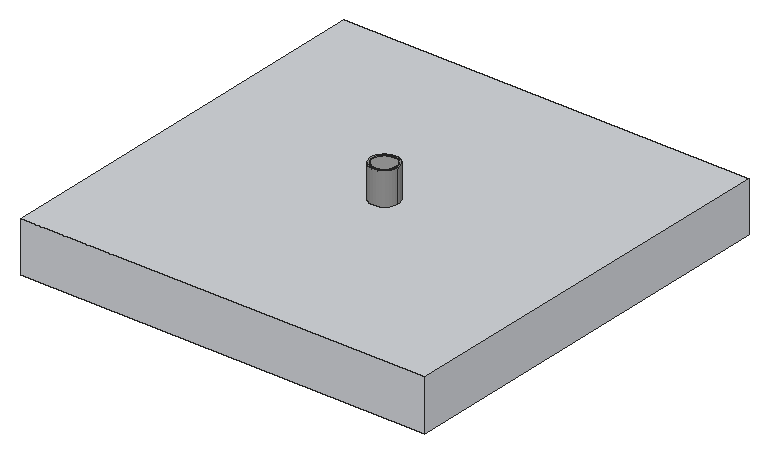
Revit family "LAMP_LUP DOWNLIGHT 162", category Luminarias, Revit 2018
Family settings
  Anfitrión = Cara
  Cota de conector redondo = Diámetro de uso
  Tipo de pieza = Normal
  Corte con vacíos al cargar = No
  Origen de luz = Sí
  Compartido = No
  Punto de cálculo de habitación = No
Parameters (values of type "2162LM 4000 FLOOD BLACK")
  Ángulo de inclinación = -90.00°
  Weight = 2.53 kg
  Wattage = 25.9 W
  Type = "COB PHILIPS"
  built-in parameter 1150107 = 4000 (stored number, unit not read)
  built-in parameter 1150110 = 1 (stored number, unit not read)
  built-in parameter 1150109 = 1 (stored number, unit not read)
  built-in parameter 1150112 = 1 (stored number, unit not read)
  built-in parameter 1150113 = 1 (stored number, unit not read)
  built-in parameter 1114218 = 1 (stored number, unit not read)
  Protection rating = "IP65 / IK06"
  Product datasheet = "http://www.lamp.es/product-files/TECH/LS116230FL40NB-EN.pdf"
  Product code = "LS116230FL40NB"
  Product URL = "https://www.lamp.es/en/family/lup-wall-mounted_67131"
  Power Supply = "220-240V 50/60Hz"
  Power = 23 W
  Plum = 25.9 W
  built-in parameter 1150142 = "IESNA:LM-63-2002\r\n[TEST] LS116230FL40NB\r\n[TESTLAB] LAMP S.A.U.\r\n[TESTDATE] 28 Aug 2018\r\n[ISSUEDATE] 28 Aug 2018\r\n[MANUFAC] LAMP S.A.U.\r\n[LUMCAT] LS116230FL40NB\r\n[LUMINAIRE] LUP SUR??162 3000 NW FL BK.\r\n[FLASHAREA] 0.002853\r\n[LAMPCAT] PHILIPS SLM 1205 G6\r\n[LAMP] SLM 1205 G6 NW a 0.65A\r\nTILT=NONE\r\n1 2161.63 1.0 91 1 1 2 -0.120 -0.120 0.001\r\n1.00 1.00 26.30\r\n0.00 2.00 4.00 6.00 8.00 10.00 12.00 14.00 16.00 18.00 \r\n20.00 22.00 24.00 26.00 28.00 30.00 32.00 34.00 36.00 \r\n38.00 40.00 42.00 44.00 46.00 48.00 50.00 52.00 54.00 \r\n56.00 58.00 60.00 62.00 64.00 66.00 68.00 70.00 72.00 \r\n74.00 76.00 78.00 80.00 82.00 84.00 86.00 88.00 90.00 \r\n92.00 94.00 96.00 98.00 100.00 102.00 104.00 106.00 \r\n108.00 110.00 112.00 114.00 116.00 118.00 120.00 122.00 \r\n124.00 126.00 128.00 130.00 132.00 134.00 136.00 138.00 \r\n140.00 142.00 144.00 146.00 148.00 150.00 152.00 154.00 \r\n156.00 158.00 160.00 162.00 164.00 166.00 168.00 170.00 \r\n172.00 174.00 176.00 178.00 180.00 \r\n0.00 \r\n5056.74 4988.02 4739.55 4401.48 3942.72 3557.45 3078.97 \r\n2658.36 2323.38 2046.63 1754.11 1528.75 1342.30 1199.81 \r\n1104.50 1004.66 855.83 702.82 525.17 322.65 130.97 100.88 \r\n81.99 67.15 56.43 45.93 39.44 33.18 26.92 20.66 14.74 \r\n12.73 11.06 9.38 7.70 6.08 5.15 4.28 3.41 2.54 1.72 1.34 \r\n1.01 0.69 0.36 0.00 0.00 0.00 0.00 0.00 0.00 0.00 0.00 \r\n0.00 0.00 0.00 0.00 0.00 0.00 0.00 0.00 0.00 0.00 0.00 \r\n0.00 0.00 0.00 0.00 0.00 0.00 0.00 0.00 0.00 0.00 0.00 \r\n0.00 0.00 0.00 0.00 0.00 0.00 0.00 0.00 0.00 0.00 0.00 \r\n0.00 0.00 0.00 0.00 0.00 \r\n"
  built-in parameter 1150137 = (empty or 0)
  built-in parameter 1150132 = 2
  Material reflector = LAMP_Aluminio Reflector Imag
  Material cuerpo = LAMP_Aluminio Ocult Pendular NG
  Material cristal = LAMP_Cristal Bazz Transparente
  Material COB = LAMP_COB
  Manufacturer name = "LAMP"
  Manufacturer country = "Spain"
  Manufacturer URL = "http://www.lamp.es/en"
  MacAdam = "3"
  Last update = "15/02/2022"
  Lamp = "COB LED"
  LED Lifetime = "50.000 L80 B10"
  built-in parameter 1150105 = 5117.7 (stored number, unit not read)
  built-in parameter 1150102 = (empty or 0)
  Insulation class = "I"
  Installation instructions = "https://www.lamp.es/product-files/packed/by-family/67131_INS_all.zip"
  built-in parameter 1150106 = 51.177 (stored number, unit not read)
  Height = 195 mm
  Gear = "Electronic"
  Lumens = 2128.72 lm
  Finish = "Texturised black RAL 9011"
  Color Filter = 16777215
  built-in parameter 1114217 = 1 (stored number, unit not read)
  built-in parameter 1150139 = (empty or 0)
  Default Elevation = 1219.2 mm
  built-in parameter 1150104 = 7.6357 (stored number, unit not read)
  Efficacy = 82.19 lm/W
  Diameter = 162 mm
  built-in parameter 1150115 = 1 (stored number, unit not read)
  built-in parameter 1150114 = 1 (stored number, unit not read)
  built-in parameter 1150138 = (empty or 0)
  built-in parameter 1150134 = 3
  Dimming Lamp Color Temperature Shift = (empty or 0)
  CRI = "80"
  Archivo de red fotométrica = "LS116230FL40NB.IES"
  built-in parameter 1150133 = 10 (stored number, unit not read)
Types (4, lengths in mm): name | Wattage | Product datasheet | Product code | Power | Plum | built-in parameter 1150142 | built-in parameter 1150105 | built-in parameter 1150106 | Lumens | built-in parameter 1150104 | Efficacy | Archivo de red fotométrica
  2162LM 4000 FLOOD BLACK | 25.9 W | "http://www.lamp.es/product-files/TECH/LS116230FL40NB-EN.pdf" | "LS116230FL40NB" | 23 W | 25.9 W | "IESNA:LM-63-2002\r\n[TEST] LS116230FL40NB\r\n[TESTLAB] LAMP S.A.U.\r\n[TESTDATE] 28 Aug 2018\r\n[ISSUEDATE] 28 Aug 2018\r\n[MANUFAC] LAMP S.A.U.\r\n[LUMCAT] LS116230FL40NB\r\n[LUMINAIRE] LUP SUR??162 3000 NW FL BK.\r\n[FLASHAREA] 0.002853\r\n[LAMPCAT] PHILIPS SLM 1205 G6\r\n[LAMP] SLM 1205 G6 NW a 0.65A\r\nTILT=NONE\r\n1 2161.63 1.0 91 1 1 2 -0.120 -0.120 0.001\r\n1.00 1.00 26.30\r\n0.00 2.00 4.00 6.00 8.00 10.00 12.00 14.00 16.00 18.00 \r\n20.00 22.00 24.00 26.00 28.00 30.00 32.00 34.00 36.00 \r\n38.00 40.00 42.00 44.00 46.00 48.00 50.00 52.00 54.00 \r\n56.00 58.00 60.00 62.00 64.00 66.00 68.00 70.00 72.00 \r\n74.00 76.00 78.00 80.00 82.00 84.00 86.00 88.00 90.00 \r\n92.00 94.00 96.00 98.00 100.00 102.00 104.00 106.00 \r\n108.00 110.00 112.00 114.00 116.00 118.00 120.00 122.00 \r\n124.00 126.00 128.00 130.00 132.00 134.00 136.00 138.00 \r\n140.00 142.00 144.00 146.00 148.00 150.00 152.00 154.00 \r\n156.00 158.00 160.00 162.00 164.00 166.00 168.00 170.00 \r\n172.00 174.00 176.00 178.00 180.00 \r\n0.00 \r\n5056.74 4988.02 4739.55 4401.48 3942.72 3557.45 3078.97 \r\n2658.36 2323.38 2046.63 1754.11 1528.75 1342.30 1199.81 \r\n1104.50 1004.66 855.83 702.82 525.17 322.65 130.97 100.88 \r\n81.99 67.15 56.43 45.93 39.44 33.18 26.92 20.66 14.74 \r\n12.73 11.06 9.38 7.70 6.08 5.15 4.28 3.41 2.54 1.72 1.34 \r\n1.01 0.69 0.36 0.00 0.00 0.00 0.00 0.00 0.00 0.00 0.00 \r\n0.00 0.00 0.00 0.00 0.00 0.00 0.00 0.00 0.00 0.00 0.00 \r\n0.00 0.00 0.00 0.00 0.00 0.00 0.00 0.00 0.00 0.00 0.00 \r\n0.00 0.00 0.00 0.00 0.00 0.00 0.00 0.00 0.00 0.00 0.00 \r\n0.00 0.00 0.00 0.00 0.00 \r\n" | 5117.7 (stored number, unit not read) | 51.177 (stored number, unit not read) | 2128.72 lm | 7.6357 (stored number, unit not read) | 82.19 lm/W | "LS116230FL40NB.IES"
  2392LM 4000 WIDE FLOOD BLACK | 26.3 W | "http://www.lamp.es/product-files/TECH/LS116230WF40NB-EN.pdf" | "LS116230WF40NB" | 23 W | 26.3 W | "IESNA:LM-63-2002\r\n[TEST] LS116230WF40NB\r\n[TESTLAB] LAMP S.A.U.\r\n[TESTDATE] 9 Nov 2018\r\n[ISSUEDATE] 9 Nov 2018\r\n[MANUFAC] LAMP S.A.U.\r\n[LUMCAT] LS116230WF40NB\r\n[LUMINAIRE] LUP SUR??162 3000 NW WFL BK.\r\n[FLASHAREA] 0.002853\r\n[LAMPCAT] PHILIPS SLM 1205 G6\r\n[LAMP] SLM 1205 G6 NW a 0.65A\r\nTILT=NONE\r\n1 2392.33 1.0 91 1 1 2 -0.120 -0.120 0.001\r\n1.00 1.00 26.30\r\n0.00 2.00 4.00 6.00 8.00 10.00 12.00 14.00 16.00 18.00 \r\n20.00 22.00 24.00 26.00 28.00 30.00 32.00 34.00 36.00 \r\n38.00 40.00 42.00 44.00 46.00 48.00 50.00 52.00 54.00 \r\n56.00 58.00 60.00 62.00 64.00 66.00 68.00 70.00 72.00 \r\n74.00 76.00 78.00 80.00 82.00 84.00 86.00 88.00 90.00 \r\n92.00 94.00 96.00 98.00 100.00 102.00 104.00 106.00 \r\n108.00 110.00 112.00 114.00 116.00 118.00 120.00 122.00 \r\n124.00 126.00 128.00 130.00 132.00 134.00 136.00 138.00 \r\n140.00 142.00 144.00 146.00 148.00 150.00 152.00 154.00 \r\n156.00 158.00 160.00 162.00 164.00 166.00 168.00 170.00 \r\n172.00 174.00 176.00 178.00 180.00 \r\n0.00 \r\n1661.77 1655.44 1632.87 1602.10 1570.20 1533.49 1500.24 \r\n1464.74 1435.94 1407.13 1378.50 1345.24 1310.24 1281.94 \r\n1250.74 1222.05 1186.70 1040.52 749.91 489.67 410.57 \r\n389.22 370.98 350.29 327.20 304.10 280.73 257.36 233.99 \r\n210.62 187.56 168.10 148.94 129.78 110.62 91.86 77.73 \r\n63.99 50.25 36.50 23.64 18.25 13.73 9.20 4.68 0.00 0.00 \r\n0.00 0.00 0.00 0.00 0.00 0.00 0.00 0.00 0.00 0.00 0.00 \r\n0.00 0.00 0.00 0.00 0.00 0.00 0.00 0.00 0.00 0.00 0.00 \r\n0.00 0.00 0.00 0.00 0.00 0.00 0.00 0.00 0.00 0.00 0.00 \r\n0.00 0.00 0.00 0.00 0.00 0.00 0.00 0.00 0.00 0.00 0.00 \r\n" | 5751.3 (stored number, unit not read) | 57.513 (stored number, unit not read) | 2392.25 lm | 8.4505 (stored number, unit not read) | 90.96 lm/W | "LS116230WF40NB.IES"
  2850LM 4000 FLOOD BLACK | 33.9 W | "http://www.lamp.es/product-files/TECH/LS116240FL40NB-EN.pdf" | "LS116240FL40NB" | 30 W | 33.9 W | "IESNA:LM-63-2002\r\n[TEST] LS116240FL40NB\r\n[TESTLAB] LAMP S.A.U.\r\n[TESTDATE] 31 Oct 2018\r\n[ISSUEDATE] 31 Oct 2018\r\n[MANUFAC] LAMP S.A.U.\r\n[LUMCAT] LS116240FL40NB\r\n[LUMINAIRE] LUP SUR??162 4000 NW FL BK.\r\n[FLASHAREA] 0.002853\r\n[LAMPCAT] PHILIPS SLM 1208 G6\r\n[LAMP] SLM 1208 G6 NW a 0.85A\r\nTILT=NONE\r\n1 2849.97 1.0 91 1 1 2 -0.120 -0.120 0.001\r\n1.00 1.00 33.90\r\n0.00 2.00 4.00 6.00 8.00 10.00 12.00 14.00 16.00 18.00 \r\n20.00 22.00 24.00 26.00 28.00 30.00 32.00 34.00 36.00 \r\n38.00 40.00 42.00 44.00 46.00 48.00 50.00 52.00 54.00 \r\n56.00 58.00 60.00 62.00 64.00 66.00 68.00 70.00 72.00 \r\n74.00 76.00 78.00 80.00 82.00 84.00 86.00 88.00 90.00 \r\n92.00 94.00 96.00 98.00 100.00 102.00 104.00 106.00 \r\n108.00 110.00 112.00 114.00 116.00 118.00 120.00 122.00 \r\n124.00 126.00 128.00 130.00 132.00 134.00 136.00 138.00 \r\n140.00 142.00 144.00 146.00 148.00 150.00 152.00 154.00 \r\n156.00 158.00 160.00 162.00 164.00 166.00 168.00 170.00 \r\n172.00 174.00 176.00 178.00 180.00 \r\n0.00 \r\n6416.12 6334.84 6029.25 5575.11 5089.01 4507.78 3978.28 \r\n3437.58 3008.46 2632.38 2308.80 2007.33 1756.50 1601.44 \r\n1466.73 1351.05 1155.86 953.71 717.17 445.94 189.22 \r\n148.64 123.05 101.78 84.90 68.43 59.19 50.37 41.54 32.71 \r\n24.32 20.97 18.04 15.11 12.18 9.36 7.71 6.16 4.61 3.06 \r\n1.63 1.22 0.93 0.64 0.34 0.00 0.00 0.00 0.00 0.00 0.00 \r\n0.00 0.00 0.00 0.00 0.00 0.00 0.00 0.00 0.00 0.00 0.00 \r\n0.00 0.00 0.00 0.00 0.00 0.00 0.00 0.00 0.00 0.00 0.00 \r\n0.00 0.00 0.00 0.00 0.00 0.00 0.00 0.00 0.00 0.00 0.00 \r\n0.00 0.00 0.00 0.00 0.00 0.00 0.00 \r\n" | 6851.7 (stored number, unit not read) | 68.517 (stored number, unit not read) | 2849.97 lm | 7.8104 (stored number, unit not read) | 84.07 lm/W | "LS116240FL40NB.IES"
  3114LM 4000 WIDE FLOOD BLACK | 33.9 W | "http://www.lamp.es/product-files/TECH/LS116240WF40NB-EN.pdf" | "LS116240WF40NB" | 30 W | 33.9 W | "IESNA:LM-63-2002\r\n[TEST] LS116240WF40NB\r\n[TESTLAB] LAMP S.A.U.\r\n[TESTDATE] 27 Jan 2000\r\n[ISSUEDATE] 27 Jan 2000\r\n[MANUFAC] LAMP S.A.U.\r\n[LUMCAT] LS116240WF40NB\r\n[LUMINAIRE] LUP SUR??162 4000 NW WFL BK.\r\n[FLASHAREA] 0.002853\r\n[LAMPCAT] PHILIPS SLM 1208 G6\r\n[LAMP] SLM 1208 G6 NW a 0.85A\r\nTILT=NONE\r\n1 3114.43 1.0 19 1 1 2 -0.120 -0.120 0.001\r\n1.00 1.00 33.90\r\n0.00 5.00 10.00 15.00 20.00 25.00 30.00 35.00 40.00 45.00 \r\n50.00 55.00 60.00 65.00 70.00 75.00 80.00 85.00 90.00 \r\n0.00 \r\n2154.06 2104.34 2003.19 1895.86 1800.41 1692.02 1593.23 \r\n1148.23 538.22 468.29 393.58 317.95 242.73 179.02 116.31 \r\n71.58 28.66 13.75 0.73 \r\n" | 7487.4 (stored number, unit not read) | 74.874 (stored number, unit not read) | 3114.39 lm | 8.535 (stored number, unit not read) | 91.87 lm/W | "LS116240WF40NB.IES"
Reference planes
  plane 1 "Centro (Frontal/Posterior)": y = 0
  plane 2: z = 0
  plane 3 "Centro (Izquierda/Derecha)": x = 0
Forms (mm)
  Extrusion 1, solid
    sketch origin (0, 0, 0) x (1, 0, 0) y (0, 1, 0)
      loop
        line (-1219.2, 1219.2) -> (-1219.2, -1219.2) -> (1219.2, -1219.2) -> (1219.2, 1219.2) -> (-1219.2, 1219.2)
    from 0 to -304.8
  Extrusion 2, solid, material "LAMP_Aluminio Ocult Pendular NG" <- "Material cuerpo"
    sketch origin (0, 0, 0) x (1, 0, 0) y (0, 1, 0)
      loop
        circle (0, 0) r 81
    from 0 to 195
  Extrusion 3, void
    sketch origin (0, 0, 0) x (1, 0, 0) y (0, 1, 0)
      loop
        circle (0, 0) r 70
    from 8.075 to 195
  Extrusion 4, solid, material "LAMP_Cristal Bazz Transparente" <- "Material cristal"
    sketch origin (0, 0, 0) x (1, 0, 0) y (0, 1, 0)
      loop
        circle (0, 0) r 70
    from 194 to 195
  Revolve 5, solid, material "LAMP_Aluminio Reflector Imag" <- "Material reflector"
    sketch origin (0, 0, 40) x (1, 0, 0) y (0, 0, 1)
      loop
        line (0, 154) -> (0, 105) -> (0, 79.3) -> (11.4, 79.3) -> (11.4, 80.3) -> (70, 154) -> (44.3, 154) -> (0, 154)
      axis (0, 79.3) -> (0, 154)
    angle from 0 to 360
  Revolve 6, void
    sketch origin (0, 0, 40) x (1, 0, 0) y (0, 0, 1)
      loop
        line (0, 154) -> (0, 105) -> (0, 79.3) -> (11.4, 79.3) -> (11.4, 80.3) -> (11.4, 81.3) -> (69, 154) -> (43.3, 154) -> (0, 154)
      axis (0, 79.3) -> (0, 154)
    angle from 0 to 360
  Extrusion 7, solid, material "LAMP_COB" <- "Material COB"
    sketch origin (0, 0, 0) x (1, 0, 0) y (0, 1, 0)
      loop
        circle (0, 0) r 11.4
    from 120.3 to 121.3
Cuts and joins
  Extrusion 3 cuts Extrusion 2
  Revolve 6 cuts Extrusion 4
  Revolve 6 cuts Revolve 5
Text (mm)
  text "Any modification of the parameters and properties of the LAMP BIM models must be executed and validated by the LAMP technical department.\nPhone: +34 93 736 68 00\nE-mail: lamp@lamp.es\n\nLAMP reserves the right to modify the technical specifications of its products." at (-16387.392, -7639.746, -15376.034), in view "Preview"
Dimensions and locks
  aligned and locked: plane 2 to Extrusion 1
  aligned and locked: level to Extrusion 1
Connectors
  electrical at (0, 0, 0)
    settings: on cut or joined group of Extrusion 2, Extrusion 3, index 1, voltage 230 V, apparent load 0 VA, apparent load phase1 0 VA, apparent load phase2 0 VA, apparent load phase3 0 VA, power factor 1, load classification "Otro", number of poles 1, system type 31, power factor state 1, is connector primary yes, connector utility no, sub classification motor no, connector description ""
